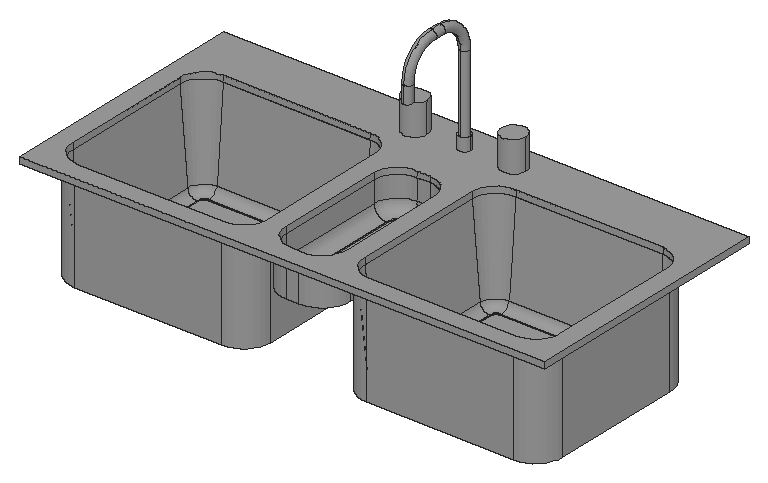
Revit family "Sink Kitchen-Triple (NZ)", category 위생기구, Revit 2026
Family settings
  원형 커넥터 치수 = 지름 사용
  부품 유형 = 보통
  작업 기준면 기반 = 아니오
  뷰에서 절단 사용 = 아니오
  항상 수직 = 예
  로드될 때 보이드를 사용하여 절단 = 아니오
  주석 방향 유지 = 아니오
  공유 = 예
  룸 계산 점 = 아니오
Parameters (values of type "1100 x 535mm")
  기본 높이 = 0.00 mm
  Counter Height = 900.00 mm
  Depth = 535.00 mm
  Fixture Material = Metal - Steel, Polished
  Sink Material = Metal - Steel, Polished
  Width = 1100.00 mm
Reference planes
  plane 1 "Center (Front/Back)": y = -35.755
  plane 2: z = 0
  plane 3 "Center (Left/Right)": x = 15.689
  plane 4: y = 269.845
  plane 5: y = -265.155
  plane 6: x = -534.311
  plane 7: x = 565.689
  plane 8 "Top Of Counter": z = 900
  plane 9: z = 912.7
  plane 10: z = 684.1
  plane 11: y = 155.545
  plane 12: x = -496.211
  plane 13: y = -227.055
  plane 14: x = 527.589
  plane 15: x = -85.911
  plane 16: x = 117.289
  plane 17: y = 212.695
  plane 18: y = 212.695
  plane 19: y = 212.695
  plane 20: z = 1163.525
  plane 21: y = 63.47
  plane 22: z = 976.2
  plane 23: z = 938.1
  plane 24: x = -240.261
  plane 25: x = 271.639
  plane 26: x = -85.911
  plane 27: x = 117.289
  plane 28: x = -47.811
  plane 29: x = 79.189
  plane 30: y = 104.745
  plane 31: y = -86.555
  plane 32: z = 820.625
  plane 33: y = 53.945
Forms (mm)
  Extrusion 1, solid, material "Metal - Steel, Polished" <- "Sink Material"
    sketch origin (0, 0, 0) x (1, 0, 0) y (0, 1, 0)
      loop
        line (-534.311, 269.845) -> (-534.311, -265.155) -> (565.689, -265.155) -> (565.689, 269.845) -> (-534.311, 269.845)
      loop
        arc (-445.411, 155.545) -> (-481.332, 140.666) -> (-496.211, 104.745) r 50.8
        line (-496.211, 104.745) -> (-496.211, -176.255)
        arc (-496.211, -176.255) -> (-481.332, -212.176) -> (-445.411, -227.055) r 50.8
        line (-445.411, -227.055) -> (-136.711, -227.055)
        arc (-136.711, -227.055) -> (-100.79, -212.176) -> (-85.911, -176.255) r 50.8
        line (-85.911, -176.255) -> (-85.911, 104.745)
        arc (-85.911, 104.745) -> (-100.79, 140.666) -> (-136.711, 155.545) r 50.8
        line (-136.711, 155.545) -> (-445.411, 155.545)
      loop
        arc (476.789, -227.055) -> (512.71, -212.176) -> (527.589, -176.255) r 50.8
        line (527.589, -176.255) -> (527.589, 104.745)
        arc (527.589, 104.745) -> (512.71, 140.666) -> (476.789, 155.545) r 50.8
        line (476.789, 155.545) -> (168.089, 155.545)
        arc (168.089, 155.545) -> (132.168, 140.666) -> (117.289, 104.745) r 50.8
        line (117.289, 104.745) -> (117.289, -176.255)
        arc (117.289, -176.255) -> (132.168, -212.176) -> (168.089, -227.055) r 50.8
        line (168.089, -227.055) -> (476.789, -227.055)
      loop
        line (2.989, -227.055) -> (28.389, -227.055)
        arc (28.389, -227.055) -> (64.31, -212.176) -> (79.189, -176.255) r 50.8
        line (79.189, -176.255) -> (79.189, 53.945)
        arc (79.189, 53.945) -> (64.31, 89.866) -> (28.389, 104.745) r 50.8
        line (28.389, 104.745) -> (2.989, 104.745)
        arc (2.989, 104.745) -> (-32.932, 89.866) -> (-47.811, 53.945) r 50.8
        line (-47.811, 53.945) -> (-47.811, -176.255)
        arc (-47.811, -176.255) -> (-32.932, -212.176) -> (2.989, -227.055) r 50.8
    from 900 to 912.7
  Sweep 2, solid, material "Metal - Steel, Polished" <- "Sink Material"
    path origin (0, 0, 0) x (1, 0, 0) y (0, 1, 0)
      loop
        arc (-445.411, 155.545) -> (-481.332, 140.666) -> (-496.211, 104.745) r 50.8
        line (-496.211, 104.745) -> (-496.211, -176.255)
        arc (-496.211, -176.255) -> (-481.332, -212.176) -> (-445.411, -227.055) r 50.8
        line (-445.411, -227.055) -> (-136.711, -227.055)
        arc (-136.711, -227.055) -> (-100.79, -212.176) -> (-85.911, -176.255) r 50.8
        line (-85.911, -176.255) -> (-85.911, 104.745)
        arc (-85.911, 104.745) -> (-100.79, 140.666) -> (-136.711, 155.545) r 50.8
        line (-136.711, 155.545) -> (-445.411, 155.545)
    profile origin (-291.061, 0, 0) x (0, 1, 0) y (0, 0, 1)
      loop
        line (155.545, 900) -> (139.011, 711.015)
        arc (139.011, 711.015) -> (132.904, 698.63) -> (120.034, 693.625) r 19.05
        line (120.034, 693.625) -> (117.445, 693.625) -> (117.445, 684.1) -> (161.895, 684.1) -> (161.895, 900) -> (155.545, 900)
  Extrusion 3, solid, material "Metal - Steel, Polished" <- "Sink Material"
    sketch origin (0, 0, 0) x (1, 0, 0) y (0, 1, 0)
      loop
        arc (-445.411, 117.445) -> (-454.391, 113.726) -> (-458.111, 104.745) r 12.7
        line (-458.111, 104.745) -> (-458.111, -176.255)
        arc (-458.111, -176.255) -> (-454.391, -185.235) -> (-445.411, -188.955) r 12.7
        line (-445.411, -188.955) -> (-136.711, -188.955)
        arc (-136.711, -188.955) -> (-127.731, -185.235) -> (-124.011, -176.255) r 12.7
        line (-124.011, -176.255) -> (-124.011, 104.745)
        arc (-124.011, 104.745) -> (-127.731, 113.726) -> (-136.711, 117.445) r 12.7
        line (-136.711, 117.445) -> (-445.411, 117.445)
      loop
        circle (-240.261, -35.755) r 25.4
    from 684.1 to 693.625
  Extrusion 4, solid, material "Metal - Steel, Polished" <- "Fixture Material"
    sketch origin (0, 0, 0) x (1, 0, 0) y (0, 1, 0)
      loop
        circle (-85.911, 209.617) r 25.4
      loop
        circle (117.289, 214.813) r 25.4
    from 912.7 to 976.2
  Sweep 5, solid, material "Metal - Steel, Polished" <- "Fixture Material"
    path origin (15.689, 0, 0) x (0, 1, 0) y (0, 0, 1)
      loop
        line (212.695, 912.7) -> (212.695, 1100.025)
        arc (212.695, 1100.025) -> (194.097, 1144.926) -> (149.195, 1163.525) r 63.5
        line (149.195, 1163.525) -> (126.97, 1163.525)
        arc (126.97, 1163.525) -> (82.069, 1144.926) -> (63.47, 1100.025) r 63.5
        line (63.47, 1100.025) -> (63.47, 1065.1)
    profile origin (15.689, 0, 1006.363) x (0, -1, 0) y (1, 0, 0)
      loop
        circle (-212.695, 0) r 9.525
  Extrusion 6, solid, material "Metal - Steel, Polished" <- "Fixture Material"
    sketch origin (0, 0, 0) x (1, 0, 0) y (0, 1, 0)
      loop
        circle (15.689, 212.695) r 12.7
    from 912.7 to 938.1
  Sweep 7, solid, material "Metal - Steel, Polished" <- "Sink Material"
    path origin (31.378, 0, 0) x (-1, 0, 0) y (0, -1, 0)
      loop
        line (-445.411, -155.545) -> (-136.711, -155.545)
        arc (-136.711, -155.545) -> (-100.79, -140.666) -> (-85.911, -104.745) r 50.8
        line (-85.911, -104.745) -> (-85.911, 176.255)
        arc (-85.911, 176.255) -> (-100.79, 212.176) -> (-136.711, 227.055) r 50.8
        line (-136.711, 227.055) -> (-445.411, 227.055)
        arc (-445.411, 227.055) -> (-481.332, 212.176) -> (-496.211, 176.255) r 50.8
        line (-496.211, 176.255) -> (-496.211, -104.745)
        arc (-496.211, -104.745) -> (-481.332, -140.666) -> (-445.411, -155.545) r 50.8
    profile origin (322.439, 0, 0) x (0, -1, 0) y (0, 0, 1)
      loop
        line (-155.545, 900) -> (-161.895, 900) -> (-161.895, 684.1) -> (-117.445, 684.1) -> (-117.445, 693.625) -> (-120.034, 693.625)
        arc (-120.034, 693.625) -> (-132.904, 698.63) -> (-139.011, 711.015) r 19.05
        line (-139.011, 711.015) -> (-155.545, 900)
  Extrusion 8, solid, material "Metal - Steel, Polished" <- "Sink Material"
    sketch origin (31.378, 0, 0) x (-1, 0, 0) y (0, -1, 0)
      loop
        line (-447.999, -120.034) -> (-134.122, -120.034)
        arc (-134.122, -120.034) -> (-125.142, -116.314) -> (-121.422, -107.334) r 12.7
        line (-121.422, -107.334) -> (-121.422, 178.843)
        arc (-121.422, 178.843) -> (-125.142, 187.823) -> (-134.122, 191.543) r 12.7
        line (-134.122, 191.543) -> (-447.999, 191.543)
        arc (-447.999, 191.543) -> (-456.979, 187.823) -> (-460.699, 178.843) r 12.7
        line (-460.699, 178.843) -> (-460.699, -107.334)
        arc (-460.699, -107.334) -> (-456.979, -116.314) -> (-447.999, -120.034) r 12.7
      loop
        circle (-240.261, 35.755) r 25.4
    from 684.1 to 693.625
  Sweep 9, solid, material "Metal - Steel, Polished" <- "Sink Material"
    path origin (0, 0, 0) x (1, 0, 0) y (0, 1, 0)
      loop
        arc (2.989, 104.745) -> (-32.932, 89.866) -> (-47.811, 53.945) r 50.8
        line (-47.811, 53.945) -> (-47.811, -176.255)
        arc (-47.811, -176.255) -> (-32.932, -212.176) -> (2.989, -227.055) r 50.8
        line (2.989, -227.055) -> (28.389, -227.055)
        arc (28.389, -227.055) -> (64.31, -212.176) -> (79.189, -176.255) r 50.8
        line (79.189, -176.255) -> (79.189, 53.945)
        arc (79.189, 53.945) -> (64.31, 89.866) -> (28.389, 104.745) r 50.8
        line (28.389, 104.745) -> (2.989, 104.745)
    profile origin (15.689, 0, 0) x (0, 1, 0) y (0, 0, 1)
      loop
        line (104.745, 900) -> (104.745, 855.55)
        arc (104.745, 855.55) -> (97.306, 837.589) -> (79.345, 830.15) r 25.4
        line (79.345, 830.15) -> (76.17, 830.15) -> (76.17, 820.625) -> (114.27, 820.625) -> (114.27, 900) -> (104.745, 900)
  Extrusion 10, solid, material "Metal - Steel, Polished" <- "Sink Material"
    sketch origin (0, 0, 0) x (1, 0, 0) y (0, 1, 0)
      loop
        arc (6.164, 76.17) -> (-11.796, 68.731) -> (-19.236, 50.77) r 25.4
        line (-19.236, 50.77) -> (-19.236, -173.08)
        arc (-19.236, -173.08) -> (-11.796, -191.04) -> (6.164, -198.48) r 25.4
        line (6.164, -198.48) -> (25.214, -198.48)
        arc (25.214, -198.48) -> (43.175, -191.04) -> (50.614, -173.08) r 25.4
        line (50.614, -173.08) -> (50.614, 50.77)
        arc (50.614, 50.77) -> (43.175, 68.731) -> (25.214, 76.17) r 25.4
        line (25.214, 76.17) -> (6.164, 76.17)
      loop
        circle (15.689, -86.555) r 25.4
    from 820.625 to 830.15
Cuts and joins
  joined: Sweep 5, Extrusion 6
Lines and regions (mm)
  symbolic lines
    curve 1: line (565.689, 269.845, 0) -> (-534.311, 269.845, 0)
    curve 2: line (565.689, -265.155, 0) -> (565.689, 269.845, 0)
    curve 3: line (-534.311, -265.155, 0) -> (565.689, -265.155, 0)
    curve 4: line (-534.311, 269.845, 0) -> (-534.311, -265.155, 0)
    curve 5: line (-496.211, 104.745, 0) -> (-496.211, -176.255, 0)
    curve 6: line (-445.411, -227.055, 0) -> (-136.711, -227.055, 0)
    curve 7: line (527.589, -176.255, 0) -> (527.589, 104.745, 0)
    curve 8: line (476.789, 155.545, 0) -> (168.089, 155.545, 0)
    curve 9: arc (527.589, 104.745, 0) -> (512.71, 140.666, 0) -> (476.789, 155.545, 0) r 50.8
    curve 10: arc (476.789, -227.055, 0) -> (512.71, -212.176, 0) -> (527.589, -176.255, 0) r 50.8
    curve 11: arc (-496.211, -176.255, 0) -> (-481.332, -212.176, 0) -> (-445.411, -227.055, 0) r 50.8
    curve 12: arc (-445.411, 155.545, 0) -> (-481.332, 140.666, 0) -> (-496.211, 104.745, 0) r 50.8
    curve 13: arc (-60.511, 209.617, 0) -> (-85.911, 235.017, 0) -> (-111.311, 209.617, 0) r 25.4
    curve 14: arc (142.689, 214.813, 0) -> (117.289, 240.213, 0) -> (91.889, 214.813, 0) r 25.4
    curve 15: arc (-111.311, 209.617, 0) -> (-85.911, 184.217, 0) -> (-60.511, 209.617, 0) r 25.4
    curve 16: arc (91.889, 214.813, 0) -> (117.289, 189.413, 0) -> (142.689, 214.813, 0) r 25.4
    curve 17: arc (28.389, 212.695, 0) -> (15.689, 225.395, 0) -> (2.989, 212.695, 0) r 12.7
    curve 18: line (2.989, 212.695, 0) -> (2.989, 15.845, 0)
    curve 19: line (28.389, 212.695, 0) -> (28.389, 15.845, 0)
    curve 20: arc (28.389, 15.845, 0) -> (15.689, 3.145, 0) -> (2.989, 15.845, 0) r 12.7
    curve 21: line (-85.911, 104.745, 0) -> (-85.911, -176.255, 0)
    curve 22: line (117.289, 104.745, 0) -> (117.289, -176.255, 0)
    curve 23: line (168.089, -227.055, 0) -> (476.789, -227.055, 0)
    curve 24: line (-136.711, 155.545, 0) -> (-445.411, 155.545, 0)
    curve 25: arc (168.089, 155.545, 0) -> (132.168, 140.666, 0) -> (117.289, 104.745, 0) r 50.8
    curve 26: arc (117.289, -176.255, 0) -> (132.168, -212.176, 0) -> (168.089, -227.055, 0) r 50.8
    curve 27: arc (-85.911, -176.255, 0) -> (-100.79, -212.176, 0) -> (-136.711, -227.055, 0) r 50.8
    curve 28: arc (-85.911, 104.745, 0) -> (-100.79, 140.666, 0) -> (-136.711, 155.545, 0) r 50.8
    curve 29: arc (-265.661, -35.755, 0) -> (-240.261, -10.355, 0) -> (-214.861, -35.755, 0) r 25.4
    curve 30: arc (-214.861, -35.755, 0) -> (-240.261, -61.155, 0) -> (-265.661, -35.755, 0) r 25.4
    curve 31: arc (246.239, -35.755, 0) -> (271.639, -10.355, 0) -> (297.039, -35.755, 0) r 25.4
    curve 32: arc (297.039, -35.755, 0) -> (271.639, -61.155, 0) -> (246.239, -35.755, 0) r 25.4
    curve 33: line (-47.811, -176.255, 0) -> (-47.811, 53.945, 0)
    curve 34: arc (-47.811, 53.945, 0) -> (-32.932, 89.866, 0) -> (2.989, 104.745, 0) r 50.8
    curve 35: line (79.189, 53.945, 0) -> (79.189, -176.255, 0)
    curve 36: arc (79.189, -176.255, 0) -> (64.31, -212.176, 0) -> (28.389, -227.055, 0) r 50.8
    curve 37: arc (2.989, -227.055, 0) -> (-32.932, -212.176, 0) -> (-47.811, -176.255, 0) r 50.8
    curve 38: line (28.389, -227.055, 0) -> (2.989, -227.055, 0)
    curve 39: arc (41.089, -86.555, 0) -> (15.689, -61.155, 0) -> (-9.711, -86.555, 0) r 25.4
    curve 40: arc (41.089, -86.555, 0) -> (15.689, -111.955, 0) -> (-9.711, -86.555, 0) r 25.4
    curve 41: arc (28.389, 104.745, 0) -> (64.31, 89.866, 0) -> (79.189, 53.945, 0) r 50.8
Dimensions and locks
  equal spacing: plane 6, plane 3 "Center (Left/Right)", plane 7
  "Width": plane 6 to plane 7
  "Depth": plane 5 to plane 4
  "Counter Height": plane 8 "Top Of Counter" to plane 2
  locked: plane 9 to plane 8 "Top Of Counter" at 12.7
  locked: plane 8 "Top Of Counter" to plane 10 at 215.9
  locked: plane 6 to plane 12 at 38.1
  locked: plane 14 to plane 7 at 38.1
  locked: plane 11 to plane 4 at 114.3
  locked: plane 5 to plane 13 at 38.1
  equal spacing: plane 11, plane 17, plane 4
  equal spacing: plane 11, plane 18, plane 4
  equal spacing: plane 4, plane 19, plane 11
  locked: plane 19 to plane 21 at 149.225
  locked: plane 20 to plane 9 at 250.825
  locked: plane 22 to plane 9 at 63.5
  locked: plane 23 to plane 9 at 25.4
  equal spacing: plane 13, plane 1 "Center (Front/Back)", plane 11
  plane 26 to plane 3 "Center (Left/Right)" to plane 27 = 101.60 mm, 101.60 mm
  plane 26 to plane 28 = 38.10 mm
  plane 29 to plane 27 = 38.10 mm
  locked: plane 30 to plane 11 at 50.8
  locked: plane 31 to plane 1 "Center (Front/Back)" at 50.8
  locked: plane 32 to plane 8 "Top Of Counter" at 79.375
  locked: plane 11 to plane 33 at 101.6
  equal spacing: plane 12, plane 24, plane 3 "Center (Left/Right)"
  equal spacing: plane 3 "Center (Left/Right)", plane 25, plane 14
  aligned and locked: Extrusion 1 sketch curve to plane 5
  aligned and locked: plane 7 to Extrusion 1 sketch curve
  aligned and locked: plane 4 to Extrusion 1 sketch curve
  aligned and locked: Extrusion 1 sketch curve to plane 6
  aligned and locked: plane 8 "Top Of Counter" to Extrusion 1
  aligned and locked: Extrusion 1 to plane 9
  aligned and locked: plane 11 to Extrusion 1 sketch curve
  aligned and locked: plane 14 to Extrusion 1 sketch curve
  aligned and locked: Extrusion 1 sketch curve to plane 12
  aligned and locked: Extrusion 1 sketch curve to plane 13
  aligned and locked: plane 11 to Sweep 2 sketch curve
  aligned and locked: Sweep 2 sketch curve to plane 12
  aligned and locked: Sweep 2 sketch curve to plane 13
  aligned and locked: Sweep 2 to Extrusion 3 sketch curve  (x4)
  aligned and locked: Sweep 2 to Extrusion 3
  aligned and locked: plane 10 to Extrusion 3
  aligned and locked: Sweep 2 sketch curve to plane 10
  aligned and locked: plane 8 "Top Of Counter" to Sweep 2 sketch curve
  aligned and locked: Extrusion 4 to Extrusion 1
  aligned and locked: Extrusion 6 to Extrusion 1
  aligned and locked: Sweep 5 sketch curve to plane 19
  aligned and locked: plane 20 to Sweep 5 sketch curve
  aligned and locked: plane 21 to Sweep 5 sketch curve
  aligned and locked: Extrusion 4 to plane 22
  aligned and locked: Extrusion 6 to plane 23
  aligned and locked: curve 29 to Extrusion 3
  aligned and locked: plane 26 to Extrusion 1 sketch curve
  aligned and locked: plane 27 to Extrusion 1 sketch curve
  aligned and locked: Sweep 2 sketch curve to Extrusion 1
  aligned and locked: Sweep 7 sketch curve to plane 11
  aligned and locked: Sweep 7 sketch curve to Extrusion 1
  aligned and locked: Sweep 7 sketch curve to plane 14
  aligned and locked: plane 13 to Sweep 7 sketch curve
  aligned and locked: Extrusion 8 sketch curve to Sweep 7  (x4)
  aligned and locked: Sweep 9 sketch curve to plane 13
  aligned and locked: Extrusion 1 to Sweep 9 sketch curve  (x2)
  aligned and locked: curve 21 to Sweep 9 sketch curve
  aligned and locked: Sweep 9 to Extrusion 10 sketch curve  (x3)
  aligned and locked: Extrusion 10 sketch curve to Sweep 9
  aligned and locked: Extrusion 10 to Sweep 9  (x2)
  aligned and locked: Sweep 7 sketch curve to plane 8 "Top Of Counter"
  aligned and locked: plane 10 to Sweep 7 sketch curve
  aligned and locked: Sweep 9 sketch curve to plane 8 "Top Of Counter"
  aligned and locked: Sweep 9 sketch curve to plane 32
  aligned and locked: Extrusion 8 to Sweep 7
  aligned and locked: plane 10 to Extrusion 8
Automatic sketch dimensions
  Sweep 2 sketch curve to profile plane = 0.00 mm
  profile plane to Sweep 2 sketch curve = 16.534 mm
  Sweep 2 sketch curve to Sweep 2 sketch curve = 18.978 mm
  Sweep 2 sketch curve to Sweep 2 sketch curve = 2.588 mm
  Sweep 2 sketch curve to profile plane = 6.35 mm
  Sweep 2 sketch curve to Sweep 2 sketch curve = 9.525 mm
  Sweep 2 sketch curve to Sweep 2 sketch curve = 17.39 mm
  Extrusion 4 sketch curve to plane 15 = 0.00 mm
  Extrusion 4 sketch curve to plane 16 = 0.00 mm
  plane 17 to Extrusion 4 sketch curve = 3.079 mm
  plane 15 to Extrusion 4 sketch curve = 25.40 mm
  Extrusion 4 sketch curve to plane 17 = 2.118 mm
  plane 16 to Extrusion 4 sketch curve = 25.40 mm
  Sweep 5 sketch curve to plane 3 "Center (Left/Right)" = 0.00 mm
  Sweep 5 sketch curve to profile plane = 0.00 mm
  profile plane to Sweep 5 sketch curve = 9.525 mm
  Extrusion 6 sketch curve to plane 18 = 0.00 mm
  Extrusion 6 sketch curve to plane 3 "Center (Left/Right)" = 0.00 mm
  Extrusion 6 sketch curve to plane 3 "Center (Left/Right)" = 12.70 mm
  Sweep 5 sketch curve to plane 9 = 0.00 mm
  Sweep 5 sketch curve to Sweep 5 sketch curve = 63.50 mm
  plane 11 to Sweep 5 sketch curve = 6.35 mm
  Sweep 5 sketch curve to Sweep 5 sketch curve = 34.925 mm
  Extrusion 3 sketch curve to plane 1 "Center (Front/Back)" = 0.00 mm
  Extrusion 3 sketch curve to plane 24 = 0.00 mm
  Extrusion 3 sketch curve to Extrusion 3 sketch curve = 12.70 mm  (x4)
  plane 24 to Extrusion 3 sketch curve = 25.40 mm
  Extrusion 1 sketch curve to plane 30 = 0.00 mm  (x5)
  Extrusion 1 sketch curve to plane 13 = 0.00 mm  (x2)
  Extrusion 1 sketch curve to plane 28 = 0.00 mm
  Extrusion 1 sketch curve to plane 29 = 0.00 mm
  Extrusion 1 sketch curve to plane 11 = 0.00 mm
  Extrusion 1 sketch curve to plane 12 = 50.80 mm
  Extrusion 1 sketch curve to Extrusion 1 sketch curve = 50.80 mm  (x2)
  Extrusion 1 sketch curve to plane 3 "Center (Left/Right)" = 12.70 mm  (x2)
  plane 3 "Center (Left/Right)" to Extrusion 1 sketch curve = 12.70 mm  (x2)
  plane 14 to Extrusion 1 sketch curve = 50.80 mm
  Sweep 2 sketch curve to plane 12 = 50.80 mm  (x2)
  plane 11 to Sweep 2 sketch curve = 50.80 mm
  Sweep 2 sketch curve to Sweep 2 sketch curve = 50.80 mm
  plane 14 to Sweep 7 sketch curve = 50.80 mm  (x2)
  Sweep 7 sketch curve to Sweep 7 sketch curve = 50.80 mm  (x2)
  Extrusion 8 sketch curve to plane 1 "Center (Front/Back)" = 0.00 mm
  Extrusion 8 sketch curve to plane 25 = 0.00 mm
  Extrusion 8 sketch curve to Extrusion 8 sketch curve = 12.70 mm  (x4)
  Extrusion 8 sketch curve to plane 25 = 25.40 mm
  Sweep 9 sketch curve to plane 3 "Center (Left/Right)" = 12.70 mm  (x2)
  plane 3 "Center (Left/Right)" to Sweep 9 sketch curve = 12.70 mm  (x2)
  Extrusion 10 sketch curve to plane 31 = 0.00 mm
  Extrusion 10 sketch curve to plane 3 "Center (Left/Right)" = 0.00 mm
  Extrusion 10 sketch curve to plane 3 "Center (Left/Right)" = 25.40 mm
  Extrusion 10 sketch curve to plane 3 "Center (Left/Right)" = 9.525 mm  (x2)
  plane 3 "Center (Left/Right)" to Extrusion 10 sketch curve = 9.525 mm  (x2)
  Sweep 7 sketch curve to profile plane = 0.00 mm
  profile plane to Sweep 7 sketch curve = 6.35 mm
  Sweep 7 sketch curve to profile plane = 16.534 mm
  Sweep 7 sketch curve to Sweep 7 sketch curve = 18.978 mm
  Sweep 7 sketch curve to Sweep 7 sketch curve = 2.588 mm
  Sweep 7 sketch curve to Sweep 7 sketch curve = 1.66 mm
  Sweep 7 sketch curve to Sweep 7 sketch curve = 26.915 mm
  Sweep 9 sketch curve to profile plane = 0.00 mm
  profile plane to Sweep 9 sketch curve = 25.40 mm
  Sweep 9 sketch curve to Sweep 9 sketch curve = 3.175 mm
  Sweep 9 sketch curve to profile plane = 9.525 mm
  plane 32 to Sweep 9 sketch curve = 9.525 mm
  curve 1 to plane 4 = 0.00 mm
  curve 1 to plane 6 = 0.00 mm
  curve 5 to plane 12 = 0.00 mm
  curve 24 to plane 11 = 0.00 mm
  curve 6 to plane 13 = 0.00 mm
  curve 34 to plane 33 = 0.00 mm
  curve 37 to plane 13 = 0.00 mm
  curve 20 to plane 3 "Center (Left/Right)" = 0.00 mm
  curve 40 to plane 3 "Center (Left/Right)" = 0.00 mm
  curve 35 to plane 33 = 0.00 mm
  curve 25 to plane 11 = 0.00 mm
  curve 23 to plane 13 = 0.00 mm
  curve 31 to plane 1 "Center (Front/Back)" = 0.00 mm
  curve 31 to plane 25 = 0.00 mm
  curve 10 to plane 14 = 0.00 mm
  curve 1 to plane 7 = 0.00 mm
  curve 3 to plane 5 = 0.00 mm
  curve 6 to plane 12 = 50.80 mm
  curve 28 to plane 3 "Center (Left/Right)" = 152.40 mm
  curve 6 to curve 21 = 50.80 mm
  curve 28 to curve 15 = 25.40 mm
  curve 15 to curve 15 = 25.40 mm
  curve 21 to curve 34 = 38.10 mm
  curve 40 to plane 3 "Center (Left/Right)" = 25.40 mm
  curve 37 to plane 3 "Center (Left/Right)" = 12.70 mm
  plane 3 "Center (Left/Right)" to curve 36 = 12.70 mm
  curve 19 to curve 14 = 63.50 mm
  curve 41 to curve 25 = 38.10 mm
  curve 14 to curve 16 = 25.40 mm
  curve 26 to curve 26 = 50.80 mm
  plane 25 to curve 31 = 25.40 mm
  plane 14 to curve 23 = 50.80 mm
  plane 1 "Center (Front/Back)" to curve 39 = 50.80 mm
  curve 19 to curve 41 = 38.10 mm
  curve 28 to curve 15 = 54.071 mm
  plane 4 to curve 18 = 57.15 mm
  plane 4 to curve 16 = 55.032 mm
  plane 11 to curve 12 = 50.80 mm
  curve 6 to curve 38 = 139.70 mm
  curve 18 to curve 17 = 12.70 mm
  curve 41 to curve 35 = 50.80 mm
  curve 14 to curve 25 = 25.40 mm
  plane 14 to curve 9 = 50.80 mm
